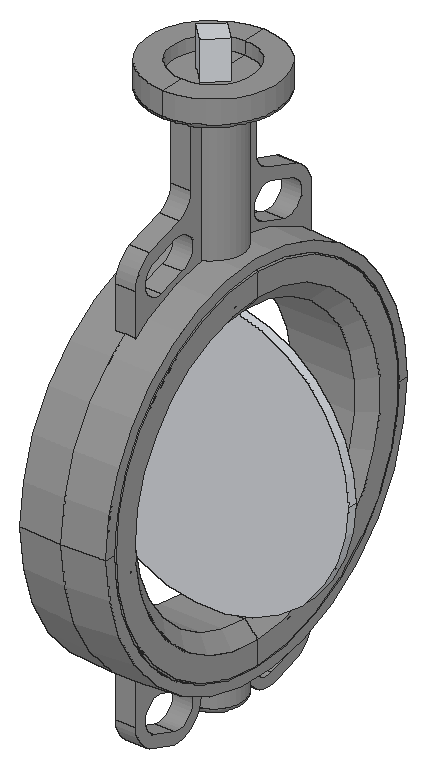
Revit family "Absperr- und Regulierklappe ZF-4219", category Rohrzubehör, Revit 2020 (continued)
Automatic sketch dimensions
  Extrusion 8 sketch curve to Extrusion 8 sketch curve = 11.576 mm
  Extrusion 8 sketch curve to Extrusion 8 sketch curve = 0.007 mm  (x2)
  Extrusion 8 sketch curve to Extrusion 8 sketch curve = 11.662 mm  (x2)
  Extrusion 8 sketch curve to Extrusion 8 sketch curve = 7.405 mm
  Extrusion 8 sketch curve to Extrusion 8 sketch curve = 9.76 mm  (x2)
  Extrusion 8 sketch curve to Extrusion 8 sketch curve = 46.144 mm
  Extrusion 8 sketch curve to Extrusion 8 sketch curve = 0.006 mm
  Extrusion 8 sketch curve to Extrusion 8 sketch curve = 0.159 mm  (x2)
  Extrusion 8 sketch curve to Extrusion 8 sketch curve = 0.225 mm  (x2)
  Extrusion 8 sketch curve to Extrusion 8 sketch curve = 3.156 mm
  Extrusion 7 sketch curve to Extrusion 7 sketch curve = 0 mm  (x29)
  Extrusion 7 sketch curve to level = 0 mm
  Extrusion 7 sketch curve to plane 1 "Mitte (Vorne/hinten)" = 0 mm
  Extrusion 7 sketch curve to Extrusion 7 sketch curve = 4.987 mm  (x2)
  plane 1 "Mitte (Vorne/hinten)" to Extrusion 7 sketch curve = 42.642 mm
  Extrusion 7 sketch curve to Extrusion 7 sketch curve = 3.28 mm  (x2)
  Extrusion 7 sketch curve to Extrusion 7 sketch curve = 14.935 mm  (x2)
  Extrusion 7 sketch curve to Extrusion 7 sketch curve = 11.589 mm  (x2)
  Extrusion 7 sketch curve to Extrusion 7 sketch curve = 14.868 mm  (x2)
  Extrusion 7 sketch curve to Extrusion 7 sketch curve = 33.628 mm  (x4)
  Extrusion 7 sketch curve to Extrusion 7 sketch curve = 3.946 mm  (x4)
  Extrusion 7 sketch curve to Extrusion 7 sketch curve = 12.021 mm  (x8)
  Extrusion 7 sketch curve to Extrusion 7 sketch curve = 8.075 mm  (x8)
  plane 1 "Mitte (Vorne/hinten)" to Extrusion 7 sketch curve = 21.03 mm
  Extrusion 7 sketch curve to Extrusion 7 sketch curve = 5.5 mm
  Extrusion 7 sketch curve to Extrusion 7 sketch curve = 0.54 mm  (x2)
  Extrusion 7 sketch curve to Extrusion 7 sketch curve = 0.103 mm
  Extrusion 7 sketch curve to Extrusion 7 sketch curve = 1.99 mm  (x2)
  plane 1 "Mitte (Vorne/hinten)" to Extrusion 7 sketch curve = 18.5 mm
  Extrusion 7 sketch curve to plane 1 "Mitte (Vorne/hinten)" = 18.5 mm  (x2)
  Extrusion 7 sketch curve to Extrusion 7 sketch curve = 1.897 mm
  Extrusion 7 sketch curve to Extrusion 7 sketch curve = 2 mm
  Extrusion 7 sketch curve to Extrusion 7 sketch curve = 21.612 mm
  Extrusion 7 sketch curve to level = 59.454 mm  (x2)
  Extrusion 7 sketch curve to Extrusion 7 sketch curve = 10.049 mm  (x4)
  Extrusion 7 sketch curve to Extrusion 7 sketch curve = 20.666 mm  (x2)
  Extrusion 7 sketch curve to Extrusion 7 sketch curve = 1.725 mm  (x2)
  Extrusion 7 sketch curve to Extrusion 7 sketch curve = 12.438 mm  (x4)
  level to Extrusion 7 sketch curve = 59.454 mm  (x2)
  Extrusion 7 sketch curve to Extrusion 7 sketch curve = 15.768 mm  (x2)
  Extrusion 7 sketch curve to Extrusion 7 sketch curve = 0.361 mm  (x2)
  Extrusion 7 sketch curve to Extrusion 7 sketch curve = 69.242 mm
  Extrusion 7 sketch curve to Extrusion 7 sketch curve = 0.014 mm
  Extrusion 7 sketch curve to Extrusion 7 sketch curve = 0.29 mm  (x2)
  Extrusion 6 sketch curve to Extrusion 6 sketch curve = 0 mm  (x31)
  Extrusion 6 sketch curve to level = 0 mm
  Extrusion 6 sketch curve to plane 1 "Mitte (Vorne/hinten)" = 0 mm
  plane 1 "Mitte (Vorne/hinten)" to Extrusion 6 sketch curve = 18.5 mm  (x2)
  Extrusion 6 sketch curve to Extrusion 6 sketch curve = 1.897 mm  (x2)
  Extrusion 6 sketch curve to Extrusion 6 sketch curve = 2 mm
  Extrusion 6 sketch curve to Extrusion 6 sketch curve = 4.154 mm  (x2)
  Extrusion 6 sketch curve to Extrusion 6 sketch curve = 5.603 mm
  Extrusion 6 sketch curve to Extrusion 6 sketch curve = 12 mm  (x2)
  Extrusion 6 sketch curve to Extrusion 6 sketch curve = 21.682 mm  (x2)
  Extrusion 6 sketch curve to Extrusion 6 sketch curve = 2.182 mm  (x2)
  Extrusion 6 sketch curve to Extrusion 6 sketch curve = 11.109 mm  (x4)
  Extrusion 6 sketch curve to Extrusion 6 sketch curve = 30.529 mm  (x4)
  Extrusion 6 sketch curve to Extrusion 6 sketch curve = 4.781 mm  (x4)
  Extrusion 6 sketch curve to Extrusion 6 sketch curve = 1.414 mm  (x8)
  Extrusion 6 sketch curve to Extrusion 6 sketch curve = 7.24 mm  (x8)
  Extrusion 6 sketch curve to Extrusion 6 sketch curve = 12.021 mm  (x8)
  Extrusion 6 sketch curve to plane 1 "Mitte (Vorne/hinten)" = 18.5 mm
  Extrusion 6 sketch curve to Extrusion 6 sketch curve = 7.5 mm
  Extrusion 6 sketch curve to Extrusion 6 sketch curve = 0.103 mm
  Extrusion 6 sketch curve to level = 50.036 mm  (x2)
  Extrusion 6 sketch curve to Extrusion 6 sketch curve = 17.112 mm  (x2)
  Extrusion 6 sketch curve to Extrusion 6 sketch curve = 9.185 mm  (x4)
  Extrusion 6 sketch curve to Extrusion 6 sketch curve = 20.608 mm  (x2)
  Extrusion 6 sketch curve to Extrusion 6 sketch curve = 12.868 mm  (x3)
  Extrusion 6 sketch curve to Extrusion 6 sketch curve = 9.096 mm  (x2)
  level to Extrusion 6 sketch curve = 50.036 mm  (x2)
  Extrusion 6 sketch curve to Extrusion 6 sketch curve = 17 mm
  Extrusion 6 sketch curve to Extrusion 6 sketch curve = 56.845 mm
  Extrusion 6 sketch curve to Extrusion 6 sketch curve = 0.017 mm
  Extrusion 6 sketch curve to Extrusion 6 sketch curve = 0.29 mm  (x2)
  Extrusion 5 sketch curve to Extrusion 5 sketch curve = 0 mm  (x25)
  Extrusion 5 sketch curve to level = 0 mm
  Extrusion 5 sketch curve to plane 1 "Mitte (Vorne/hinten)" = 0 mm
  plane 1 "Mitte (Vorne/hinten)" to Extrusion 5 sketch curve = 18.5 mm  (x2)
  Extrusion 5 sketch curve to Extrusion 5 sketch curve = 0.579 mm  (x2)
  Extrusion 5 sketch curve to Extrusion 5 sketch curve = 1.897 mm  (x2)
  Extrusion 5 sketch curve to Extrusion 5 sketch curve = 0.103 mm
  Extrusion 5 sketch curve to Extrusion 5 sketch curve = 5.603 mm
  Extrusion 5 sketch curve to Extrusion 5 sketch curve = 15.942 mm  (x4)
  Extrusion 5 sketch curve to Extrusion 5 sketch curve = 13 mm  (x2)
  Extrusion 5 sketch curve to Extrusion 5 sketch curve = 11.367 mm  (x4)
  Extrusion 5 sketch curve to Extrusion 5 sketch curve = 25.663 mm  (x4)
  Extrusion 5 sketch curve to Extrusion 5 sketch curve = 4.027 mm  (x4)
  Extrusion 5 sketch curve to Extrusion 5 sketch curve = 12.021 mm  (x5)
  Extrusion 5 sketch curve to Extrusion 5 sketch curve = 9.55 mm  (x4)
  Extrusion 5 sketch curve to Extrusion 5 sketch curve = 7.5 mm
  Extrusion 5 sketch curve to plane 1 "Mitte (Vorne/hinten)" = 18.5 mm  (x2)
  Extrusion 5 sketch curve to Extrusion 5 sketch curve = 2 mm
  Extrusion 5 sketch curve to level = 38.887 mm  (x2)
  Extrusion 5 sketch curve to Extrusion 5 sketch curve = 10.986 mm  (x3)
  Extrusion 5 sketch curve to Extrusion 5 sketch curve = 10.231 mm  (x3)
  Extrusion 5 sketch curve to Extrusion 5 sketch curve = 10.467 mm  (x4)
  Extrusion 5 sketch curve to Extrusion 5 sketch curve = 12.18 mm  (x2)
  Extrusion 5 sketch curve to Extrusion 5 sketch curve = 12.641 mm  (x4)
  Extrusion 5 sketch curve to Extrusion 5 sketch curve = 9.983 mm  (x2)
  level to Extrusion 5 sketch curve = 38.887 mm  (x2)
  Extrusion 5 sketch curve to Extrusion 5 sketch curve = 21.217 mm
  Extrusion 5 sketch curve to Extrusion 5 sketch curve = 16.969 mm  (x2)
  Extrusion 5 sketch curve to Extrusion 5 sketch curve = 51.117 mm
  Extrusion 5 sketch curve to Extrusion 5 sketch curve = 0.01 mm
  Extrusion 5 sketch curve to Extrusion 5 sketch curve = 0.29 mm  (x2)
  level to Extrusion 5 sketch curve = 49.873 mm
  Extrusion 4 sketch curve to Extrusion 4 sketch curve = 0 mm  (x28)
  Extrusion 4 sketch curve to level = 0 mm
  Extrusion 4 sketch curve to plane 1 "Mitte (Vorne/hinten)" = 0 mm
  plane 1 "Mitte (Vorne/hinten)" to Extrusion 4 sketch curve = 18.5 mm  (x2)
  Extrusion 4 sketch curve to Extrusion 4 sketch curve = 1.897 mm  (x2)
  Extrusion 4 sketch curve to Extrusion 4 sketch curve = 0.103 mm  (x2)
  Extrusion 4 sketch curve to Extrusion 4 sketch curve = 5.603 mm  (x2)
  Extrusion 4 sketch curve to Extrusion 4 sketch curve = 12.115 mm  (x4)
  Extrusion 4 sketch curve to Extrusion 4 sketch curve = 9 mm  (x2)
  Extrusion 4 sketch curve to Extrusion 4 sketch curve = 11.39 mm  (x2)
  Extrusion 4 sketch curve to Extrusion 4 sketch curve = 7.005 mm  (x2)
  Extrusion 4 sketch curve to Extrusion 4 sketch curve = 22.772 mm  (x4)
  Extrusion 4 sketch curve to Extrusion 4 sketch curve = 4.597 mm  (x4)
  Extrusion 4 sketch curve to Extrusion 4 sketch curve = 1.485 mm  (x4)
  Extrusion 4 sketch curve to Extrusion 4 sketch curve = 12.021 mm  (x4)
  Extrusion 4 sketch curve to Extrusion 4 sketch curve = 9.247 mm  (x4)
  Extrusion 4 sketch curve to plane 1 "Mitte (Vorne/hinten)" = 18.5 mm  (x2)
  Extrusion 4 sketch curve to level = 31.935 mm  (x2)
  Extrusion 4 sketch curve to Extrusion 4 sketch curve = 1.34 mm  (x4)
  Extrusion 4 sketch curve to Extrusion 4 sketch curve = 10.245 mm  (x4)
  Extrusion 4 sketch curve to Extrusion 4 sketch curve = 9.866 mm  (x4)
  Extrusion 4 sketch curve to Extrusion 4 sketch curve = 9.447 mm  (x4)
  Extrusion 4 sketch curve to Extrusion 4 sketch curve = 11.077 mm  (x4)
  Extrusion 4 sketch curve to Extrusion 4 sketch curve = 11.926 mm  (x2)
  level to Extrusion 4 sketch curve = 31.935 mm  (x2)
  Extrusion 4 sketch curve to Extrusion 4 sketch curve = 12.62 mm  (x2)
  Extrusion 4 sketch curve to Extrusion 4 sketch curve = 12.99 mm  (x2)
  Extrusion 4 sketch curve to Extrusion 4 sketch curve = 41.354 mm
  Extrusion 4 sketch curve to Extrusion 4 sketch curve = 0.018 mm
  Extrusion 4 sketch curve to Extrusion 4 sketch curve = 0.29 mm  (x2)
  Extrusion 3 sketch curve to Extrusion 3 sketch curve = 0 mm  (x23)
  Extrusion 3 sketch curve to level = 0 mm
  Extrusion 3 sketch curve to plane 1 "Mitte (Vorne/hinten)" = 0 mm
  plane 1 "Mitte (Vorne/hinten)" to Extrusion 3 sketch curve = 18 mm
  Extrusion 3 sketch curve to Extrusion 3 sketch curve = 1.897 mm  (x2)
  Extrusion 3 sketch curve to Extrusion 3 sketch curve = 0.103 mm  (x2)
  plane 1 "Mitte (Vorne/hinten)" to Extrusion 3 sketch curve = 22.391 mm
  Extrusion 3 sketch curve to Extrusion 3 sketch curve = 1.414 mm  (x14)
  Extrusion 3 sketch curve to Extrusion 3 sketch curve = 6.103 mm  (x2)
  Extrusion 3 sketch curve to Extrusion 3 sketch curve = 2 mm  (x2)
  Extrusion 3 sketch curve to Extrusion 3 sketch curve = 7.709 mm  (x4)
  Extrusion 3 sketch curve to Extrusion 3 sketch curve = 13.318 mm  (x5)
  Extrusion 3 sketch curve to Extrusion 3 sketch curve = 15.842 mm  (x5)
  Extrusion 3 sketch curve to Extrusion 3 sketch curve = 10.233 mm
  Extrusion 3 sketch curve to Extrusion 3 sketch curve = 3.184 mm  (x7)
  Extrusion 3 sketch curve to Extrusion 3 sketch curve = 6.315 mm  (x8)
  Extrusion 3 sketch curve to Extrusion 3 sketch curve = 3.021 mm  (x4)
  Extrusion 3 sketch curve to Extrusion 3 sketch curve = 5.303 mm  (x8)
  Extrusion 3 sketch curve to level = 23.805 mm  (x2)
  Extrusion 3 sketch curve to Extrusion 3 sketch curve = 3.106 mm  (x6)
  level to Extrusion 3 sketch curve = 23.805 mm  (x2)
  Extrusion 3 sketch curve to Extrusion 3 sketch curve = 6.654 mm  (x4)
  Extrusion 3 sketch curve to Extrusion 3 sketch curve = 9.77 mm  (x4)
  Extrusion 3 sketch curve to plane 1 "Mitte (Vorne/hinten)" = 18 mm
  Extrusion 3 sketch curve to plane 1 "Mitte (Vorne/hinten)" = 22.391 mm
  Extrusion 3 sketch curve to Extrusion 3 sketch curve = 5.708 mm  (x2)
  Extrusion 3 sketch curve to Extrusion 3 sketch curve = 3.131 mm
  level to Extrusion 3 sketch curve = 42.831 mm
  Extrusion 3 sketch curve to Extrusion 3 sketch curve = 4.045 mm
  Extrusion 3 sketch curve to Extrusion 3 sketch curve = 12.379 mm
  Extrusion 3 sketch curve to Extrusion 3 sketch curve = 68.43 mm
  Extrusion 3 sketch curve to Extrusion 3 sketch curve = 0.003 mm
  Extrusion 3 sketch curve to Extrusion 3 sketch curve = 0.316 mm  (x2)
  curve 12 to level = 0 mm
  curve 12 to plane 3 "Mitte (Links/rechts)" = 0 mm
  plane 1 "Mitte (Vorne/hinten)" to curve 6 = 0 mm
  curve 6 to plane 3 "Mitte (Links/rechts)" = 0 mm
  Revolve 1 sketch curve to plane 1 "Mitte (Vorne/hinten)" = 0 mm
  Revolve 1 sketch curve to Revolve 1 sketch curve = 0.987 mm
  Revolve 1 sketch curve to Revolve 1 sketch curve = 1.5 mm  (x3)
  Revolve 1 sketch curve to Revolve 1 sketch curve = 0.513 mm  (x2)
  Revolve 1 sketch curve to Revolve 1 sketch curve = 0.915 mm  (x2)
  Revolve 1 sketch curve to Revolve 1 sketch curve = 1978.5 mm  (x2)
  Revolve 11 sketch curve to plane 1 "Mitte (Vorne/hinten)" = 0 mm  (x2)
  Revolve 11 sketch curve to Revolve 11 sketch curve = 3 mm
  Revolve 11 sketch curve to Revolve 11 sketch curve = 459.992 mm
  level to Revolve 11 sketch curve = 2741.474 mm
  Revolve 12 sketch curve to plane 1 "Mitte (Vorne/hinten)" = 0 mm  (x3)
  Revolve 12 sketch curve to Revolve 12 sketch curve = 1.895 mm
  Revolve 12 sketch curve to Revolve 12 sketch curve = 2 mm  (x2)
  Revolve 12 sketch curve to Revolve 12 sketch curve = 0.105 mm
  Revolve 12 sketch curve to level = 520.992 mm
  Revolve 12 sketch curve to Revolve 12 sketch curve = 2616.474 mm
  Revolve 13 sketch curve to level = 0 mm
  Revolve 13 sketch curve to Revolve 13 sketch curve = 1.492 mm
  Revolve 13 sketch curve to Revolve 13 sketch curve = 0.18 mm  (x2)
  Revolve 13 sketch curve to Revolve 13 sketch curve = 5.027 mm
  Revolve 13 sketch curve to Revolve 13 sketch curve = 1 mm
  Revolve 13 sketch curve to Revolve 13 sketch curve = 0.999 mm  (x2)
  Revolve 13 sketch curve to Revolve 13 sketch curve = 0.27 mm
  Revolve 13 sketch curve to Revolve 13 sketch curve = 0.957 mm
  Revolve 13 sketch curve to Revolve 13 sketch curve = 1328.99 mm
  Revolve 13 sketch curve to Revolve 13 sketch curve = 1875.983 mm
  Extrusion 14 sketch curve to level = 0 mm
  Extrusion 14 sketch curve to plane 3 "Mitte (Links/rechts)" = 0 mm
  radius of Extrusion 10 sketch curve = 12 mm  (x4)
  radius of Extrusion 9 sketch curve = 9.5 mm  (x4)
  radius of Extrusion 9 sketch curve = 14 mm  (x4)
  radius of Extrusion 7 sketch curve = 11.5 mm  (x4)
  radius of Extrusion 7 sketch curve = 9.5 mm  (x4)
  radius of Extrusion 6 sketch curve = 9.5 mm  (x8)
  radius of Extrusion 5 sketch curve = 9.5 mm  (x8)
  radius of Extrusion 4 sketch curve = 9.5 mm  (x8)
  radius of curve 12 = 7 mm
  radius of curve 6 = 5 mm
Nested families
  nested 1: "Herz-Logo-vorne" at (-20, 0, 145.5), type "Herz-Logo-vorne"
Connectors
  piping at (30.75, 0, 0), diameter 200, driven by "Nennweite"
    settings: on Revolve 13, index 1, connector inside diameter 609.6 mm, connector length 0 mm, flow factor 0, pipe flow 0.0 L/s, pressure drop 0.0 Pa, fitting loss kfactor 0, connector angle 0.00°, fixture units 0, engagement length 0 mm, angle of deflection 0.00°, flow configuration 0, flow direction 0, fitting loss method 0, system type 29, joint type 0, gender type 0, connector reference index -1, connector utility 0, adjustable connector no, is connector primary yes, connector description ""
  piping at (-30.75, 0, 0), diameter 200, driven by "Nennweite"
    settings: on Revolve 13, index 2, connector inside diameter 609.6 mm, connector length 0 mm, flow factor 0, pipe flow 0.0 L/s, pressure drop 0.0 Pa, fitting loss kfactor 0, connector angle 0.00°, fixture units 0, engagement length 0 mm, angle of deflection 0.00°, flow configuration 0, flow direction 0, fitting loss method 0, system type 29, joint type 0, gender type 0, connector reference index -1, connector utility 0, adjustable connector no, is connector primary no, connector description ""
Definition of nested family "Herz-Logo-vorne"
  Parameters (values of type "Herz-Logo-vorne")
    Default Elevation = 0 mm
  Reference planes
    plane 1 "Mitte (Vorne/hinten)": y = 0
    plane 2: z = 0
    plane 3 "Mitte (Links/rechts)": x = 0
  Forms (mm)
    Extrusion 1, solid
      sketch origin (0.732, -0.018, 0.017) x (0, -1, 0) y (0, 0, 1)
        loop
          line (-0.018, -4.517) -> (4.482, -4.517) -> (4.482, 4.483) -> (-4.518, 4.483) -> (-4.518, -4.517) -> (-0.018, -4.517)
        loop
          line (-0.05, -3.48) -> (3.482, -3.48) -> (3.482, 3.483) -> (-3.518, 3.483) -> (-3.518, -3.48) -> (-0.05, -3.48)
        loop
          arc (-0.018, 2.383) -> (-1.543, 3.287) -> (-3.067, 2.383) r 1.738
          arc (-3.067, 2.383) -> (-3.191, 1.899) -> (-3.067, 1.415) r 1.009
          line (-3.067, 1.415) -> (-0.018, -3.281) -> (3.032, 1.415)
          arc (3.032, 1.415) -> (3.156, 1.899) -> (3.032, 2.383) r 1.009
          arc (3.032, 2.383) -> (1.507, 3.287) -> (-0.018, 2.383) r 1.738
        loop
          arc (1.885, 1.272) -> (2.005, 1.675) -> (1.885, 2.079) r 0.74
          arc (1.885, 2.079) -> (1.265, 2.416) -> (0.644, 2.079) r 0.74
          line (0.644, 2.079) -> (-0.018, 0.97) -> (-0.679, 2.079)
          arc (-0.679, 2.079) -> (-1.3, 2.416) -> (-1.921, 2.079) r 0.74
          arc (-1.921, 2.079) -> (-2.04, 1.675) -> (-1.921, 1.272) r 0.74
          line (-1.921, 1.272) -> (-0.018, -1.658) -> (1.885, 1.272)
      from 0 to 1.5
  Dimensions and locks
    aligned and locked: level to plane 2
